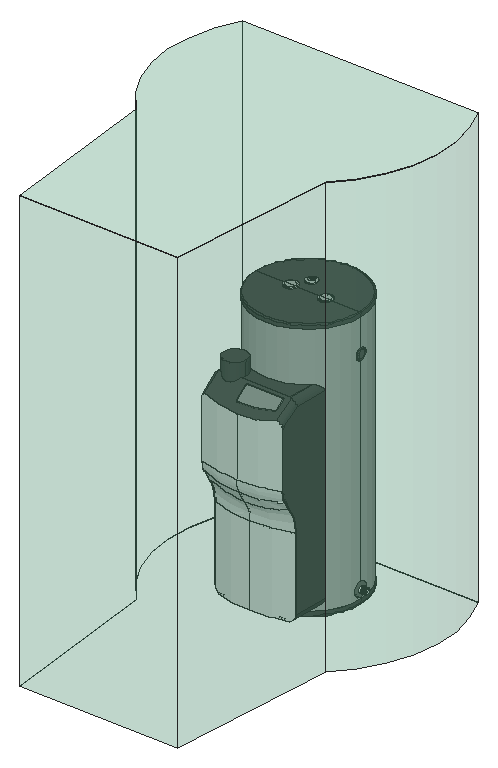
Revit family "Innovo GB_IR 32 380 GB NAT", category Mechanical Equipment, Revit 2015
Parameters (values of type "IR-32-380 GB NAT")
  Workspace Radius = Diameter + 170 mm  # 780 mm
  Workspace Height = Height + 1000 mm  # 2545 mm
  Workspace Front Distance = 1000 mm
  Working only during off-peak hour = no
  Width = Diameter  # 610 mm
  Workspace [instance] = yes
  Water heating energy efficiency class (2) = "-"
  Water heating energy efficiency class (1) = "A"  # constant formula
  Water heating energy efficiency (2) = "-"
  Water heating energy efficiency (1) = "92%"
  Warranty on tank = "36 months"  # constant formula
  Warranty on parts = "12 months"  # constant formula
  Voltage = 230 V  # constant formula
  Valve Height 02 = if(and(Height = 1745 mm, Diameter = 675 mm), 1518 mm, if(and(Height = 1745 mm, Diameter = 610 mm), 1534 mm, if(Height = 1545 mm, 1328 mm, 1070 mm)))  # 1328 mm
  Valve Height 01 = if(and(Diameter > 560 mm), 693 mm, 604 mm)  # 693 mm
  URL = "www.aosmith.co.uk"
  Type of Packaging = "Carton and Wood"  # constant formula
  Transport Weight = 136 kg
  Trade mark = "A.O. Smith"  # constant formula
  Thermostat temperature setting = 65 °C  # constant formula
  T&P Connection Rp = 1"
  Storage Capacity = 245.0 L
  Standard Set For = "G20"
  Stand-by Loss - daily (24h) = 0 W
  Stand-by Loss = 0 W
  Smart control = no
  Serial Number = "8717449286293"
  Seasonal Energy Efficiency Rating = [Energy Efficiency Rating (Hs, acc NEN-EN 89-1999)]  # 95
  Recovery Rate @ ΔT = 70°C = 380.0 L/s
  Recovery Rate @ ΔT = 55°C = 480.0 L/s
  Recovery Rate @ ΔT = 50°C = 530.0 L/s
  Recovery Rate @ ΔT = 44°C = 600.0 L/s
  Recovery Rate @ ΔT = 28°C = 960.0 L/s
  Product Instruction Link = ""
  Product Documentation Link = ""
  Precaustions during assembling, installation or maintenance = "see User, Installation, Service and Maintenance Manual"  # constant formula
  Power Consumption (peak) = 105 W
  Power Consumption (nominal) = 85 W
  Phase = 1
  Packaging Width = 786 mm  # constant formula
  Packaging Length = 946 mm  # constant formula
  Packaging Height = 1695 mm
  Other load profile = "-"
  Operating Weight = 381 kg
  Nominal Output = "30700"
  Nominal Heat Input (Net) = "29000"
  Nominal Heat Input (Gross) = "32200"
  Noice-level dB (A) = "<45"  # constant formula
  NOx Emissions mg/kWh = "37"
  NOx Emissions (air free, 0% O2) ppm = "24"
  Model identifier = "IR-32-245"
  Model = "IR-32-325 GB NAT"
  Min. Setpoint = 40 °C  # constant formula
  Max. Setpoint = 85 °C  # constant formula
  Max. Operating Pressure = 800000.0 Pa
  Max. Flue Gas Outlet Temperature = 65 °C
  Manufacturer Number = "E 7110"  # constant formula
  Manufacturer = "A.O. Smith Water Products Company b.v."  # constant formula
  Maintenance Interval = "12 months"  # constant formula
  Load profile = "XXL"
  Length = 780 mm  # constant formula
  Insulation Thickness = 44 mm
  Installation Type = "B23/C13/C33/C43/C53/C63"  # constant formula
  Indoor sound power level = "58 dB"
  Hot / Warm Water Connection R = 1"
  Height Warm Water Outlet = 1545 mm
  Height Gas Connection = 920 mm
  Height Flue Outlet = 1345 mm
  Height Cold Water Inlet = 170 mm
  Height Air Inlet = 1345 mm
  Height = 1545 mm
  Heating Up Time @ ΔT = 70°C = "31"
  Heating Up Time @ ΔT = 55°C = "24"
  Heating Up Time @ ΔT = 50°C = "22"
  Heating Up Time @ ΔT = 44°C = "20"
  Heating Up Time @ ΔT = 28°C = "13"
  Gas Supply Pressure = 2000.0 Pa
  Gas Flow Rate - Volume ltr/hr = "3.10"
  Gas Flow Rate - Mass kg/h = "n.a."
  Gas Connection R = 15"  # constant formula
  Gas Category = "II2E3P"  # constant formula
  Frequency = 50 Hz  # constant formula
  Flue Diameter - water heater = "80/125 mm/mm"  # constant formula
  Flue Diameter - parallel system = "2x80"  # constant formula
  Flue Diameter - concentric system = "80/125 mm/mm"  # constant formula
  Energy Efficiency Rating (Hs, acc NEN-EN 89-1999) = 95
  Energy Efficiency Rating (Hi, acc NEN-EN 89-1999) = 106
  Empty Weight = 120 kg
  Draw-off Capacity @ ΔT = 70°C after 90 min. = 710.0 L
  Draw-off Capacity @ ΔT = 70°C after 60 min. = 490.0 L
  Draw-off Capacity @ ΔT = 70°C after 30 min. = 330.0 L
  Draw-off Capacity @ ΔT = 70°C after 120 min. = 900.0 L
  Draw-off Capacity @ ΔT = 55°C after 90 min. = 930.0 L
  Draw-off Capacity @ ΔT = 55°C after 60 min. = 690.0 L
  Draw-off Capacity @ ΔT = 55°C after 30 min. = 440.0 L
  Draw-off Capacity @ ΔT = 55°C after 120 min. = 1200.0 L
  Draw-off Capacity @ ΔT = 50°C after 90 min. = 1100.0 L
  Draw-off Capacity @ ΔT = 50°C after 60 min. = 760.0 L
  Draw-off Capacity @ ΔT = 50°C after 30 min. = 500.0 L
  Draw-off Capacity @ ΔT = 50°C after 120 min. = 1300.0 L
  Draw-off Capacity @ ΔT = 44°C after 90 min. = 1200.0 L
  Draw-off Capacity @ ΔT = 44°C after 60 min. = 870.0 L
  Draw-off Capacity @ ΔT = 44°C after 30 min. = 570.0 L
  Draw-off Capacity @ ΔT = 44°C after 120 min. = 1500.0 L
  Draw-off Capacity @ ΔT = 28°C after 90 min. = 1900.0 L
  Draw-off Capacity @ ΔT = 28°C after 60 min. = 1400.0 L
  Draw-off Capacity @ ΔT = 28°C after 30 min. = 930.0 L
  Draw-off Capacity @ ΔT = 28°C after 120 min. = 2400.0 L
  Drain Valve Connection Rp = 3/4"  # constant formula
  Diameter = 610 mm
  Destination / Country = "UK & Ireland"  # constant formula
  Description = "Condensing High Efficiency Storage Water Heater"  # constant formula
  Default Setpoint = 65 °C  # constant formula
  Created By = "http://www.cadcompany.nl/"
  Condens Discharge Connection = 40 mm  # constant formula
  Cold Water Connection R = 3/4"  # constant formula
  Co2 Emissions (tol. +/- 1.0) vol% = "9.3"
  CE-PIN = "0063CQ3037"  # constant formula
  BIM Content Developer = "CAD & Company"  # constant formula
  Assembly Code = "D3010"
  Annual fuel consumption (2) = "-"
  Annual fuel consumption (1) = "21 GJ GCV"
  Annual electricity consumption (2) = "-"
  Annual electricity consumption (1) = "44 kWh"
  APS Pressure < = 210.0 Pa
  2nd Maintenance (general maintenance) = "12 months after installation"  # constant formula
  1e Maintenance (check-up) = "3 months after installation"  # constant formula
Reference planes
  plane 1 "Center (Front/Back)": y = 0
  plane 2: z = 0
  plane 3 "Center (Left/Right)": x = 0
  plane 4 "Pipe": through (-383.901, 912.349, 194.799) normal (-0.0879, -0.0879, 0.9923)
  plane 5 "footing": y = 118.925
  plane 6 "footing front": y = -237.85
  plane 7: x = -305
  plane 8: x = 305
  plane 9: z = 1545
Forms (mm)
  Revolve 1, solid, material "RAL 9005", detail levels medium+fine
    sketch origin (0, -237.85, 0) x (-1, 0, 0) y (0, 0, 1)
      loop
        line (0, 28.9) -> (-15, 28.9) -> (-15, 26.4) -> (-8.671, 26.4) -> (-8.671, 18) -> (-5.686, 18) -> (-6.626, 17.06) -> (-6.626, 12.06) -> (-8.671, 12.06) -> (-8.671, 10) -> (-10.031, 10) -> (-23.271, 5.181)
        arc (-23.271, 5.181) -> (-23.763, 4.836) -> (-24.017, 4.293) r 1.159
        line (-24.017, 4.293) -> (-24.017, 1.03)
        arc (-24.017, 1.03) -> (-23.715, 0.302) -> (-22.986, 0) r 1.03
        line (-22.986, 0) -> (0, 0) -> (0, 28.9)
      axis (0, 28.9) -> (0, 0)
    angle from 0 to 360
  Revolve 2, solid, material "RAL 9005", detail levels medium+fine
    sketch origin (0, 118.925, 0) x (-1, 0, 0) y (0, 0, 1)
      loop
        line (-205.984, 28.9) -> (-220.984, 28.9) -> (-220.984, 26.4) -> (-214.655, 26.4) -> (-214.655, 18) -> (-211.67, 18) -> (-212.61, 17.06) -> (-212.61, 12.06) -> (-214.655, 12.06) -> (-214.655, 10) -> (-216.015, 10) -> (-229.256, 5.181)
        arc (-229.256, 5.181) -> (-229.747, 4.836) -> (-230.001, 4.293) r 1.159
        line (-230.001, 4.293) -> (-230.001, 1.03)
        arc (-230.001, 1.03) -> (-229.699, 0.302) -> (-228.971, 0) r 1.03
        line (-228.971, 0) -> (-205.984, 0) -> (-205.984, 28.9)
      axis (-205.984, 28.9) -> (-205.984, 0)
    angle from 0 to 360
  Revolve 3, solid, material "RAL 9005", detail levels medium+fine
    sketch origin (0, 118.925, 0) x (-1, 0, 0) y (0, 0, 1)
      loop
        line (204.016, 28.9) -> (189.016, 28.9) -> (189.016, 26.4) -> (195.345, 26.4) -> (195.345, 18) -> (198.33, 18) -> (197.39, 17.06) -> (197.39, 12.06) -> (195.345, 12.06) -> (195.345, 10) -> (193.985, 10) -> (180.744, 5.181)
        arc (180.744, 5.181) -> (180.253, 4.836) -> (179.999, 4.293) r 1.159
        line (179.999, 4.293) -> (179.999, 1.03)
        arc (179.999, 1.03) -> (180.301, 0.302) -> (181.029, 0) r 1.03
        line (181.029, 0) -> (204.016, 0) -> (204.016, 28.9)
      axis (204.016, 28.9) -> (204.016, 0)
    angle from 0 to 360
Lines and regions (mm)
  symbolic lines
    curve 1: line (0, 280.06, 0) -> (0, -280.06, 0)
    curve 2: line (-280.06, 0, 0) -> (280.06, 0, 0)
  symbolic lines, style "Workspace"
    curve 3: line (681.142, 380.06, 0) -> (-681.142, 380.06, 0)
    curve 4: arc (-681.142, 380.06, 0) -> (-771.826, -112.627, 0) -> (-544.132, -558.856, 0) r 780
    curve 5: line (-544.132, -558.856, 0) -> (-454.283, -1517.825, 0)
    curve 6: line (-454.283, -1517.825, 0) -> (456.53, -1517.825, 0)
    curve 7: line (456.53, -1517.825, 0) -> (546.343, -556.695, 0)
    curve 8: arc (546.343, -556.695, 0) -> (772.048, -111.097, 0) -> (681.142, 380.06, 0) r 780
Dimensions and locks
  plane 5 "footing" to plane 1 "Center (Front/Back)" = 118.925 mm
  plane 1 "Center (Front/Back)" to plane 6 "footing front" = 237.85 mm
  "Diameter": plane 7 to plane 8
  equal spacing: plane 7, plane 3 "Center (Left/Right)", plane 8
  "Height": plane 9 to plane 2
  "Workspace Front Distance": curve 6 to nested 3
  "Workspace Radius": radius of curve 4
  "Workspace Radius": radius of curve 8
  aligned and locked: level to plane 2
  aligned and locked: nested 3 to Revolve 1 sketch curve
  aligned and locked: plane 3 "Center (Left/Right)" to Revolve 1 sketch curve
  aligned and locked: nested 3 to plane 1 "Center (Front/Back)"
  aligned and locked: plane 3 "Center (Left/Right)" to nested 3
  aligned and locked: nested 1 to plane 8
  aligned and locked: nested 5 to plane 8
  aligned and locked: nested 2 to plane 7
  aligned and locked: nested 4 to plane 7
  aligned and locked: nested 7 to plane 7
  aligned and locked: nested 8 to plane 3 "Center (Left/Right)"
  aligned and locked: plane 1 "Center (Front/Back)" to nested 8
  aligned and locked: nested 8 to nested 3
  aligned and locked: curve 5 to nested 8
  aligned and locked: curve 7 to nested 8
  aligned and locked: curve 3 to nested 8
Automatic sketch dimensions
  Revolve 1 sketch curve to level = 0 mm
  plane 3 "Center (Left/Right)" to Revolve 1 sketch curve = 5.686 mm
  Revolve 1 sketch curve to Revolve 1 sketch curve = 0.94 mm  (x2)
  Revolve 1 sketch curve to Revolve 1 sketch curve = 2.046 mm  (x2)
  Revolve 1 sketch curve to Revolve 1 sketch curve = 1.359 mm
  Revolve 1 sketch curve to Revolve 1 sketch curve = 6.329 mm
  level to Revolve 1 sketch curve = 4.091 mm
  Revolve 1 sketch curve to Revolve 1 sketch curve = 12.844 mm
  level to Revolve 1 sketch curve = 1.03 mm
  Revolve 1 sketch curve to Revolve 1 sketch curve = 0.111 mm
  level to Revolve 1 sketch curve = 5.181 mm
  Revolve 1 sketch curve to Revolve 1 sketch curve = 0.745 mm
  level to Revolve 1 sketch curve = 10 mm
  Revolve 1 sketch curve to Revolve 1 sketch curve = 2.06 mm
  Revolve 1 sketch curve to Revolve 1 sketch curve = 5 mm
  Revolve 1 sketch curve to Revolve 1 sketch curve = 8.4 mm
  Revolve 1 sketch curve to Revolve 1 sketch curve = 2.5 mm
  Revolve 1 sketch curve to level = 19.635 mm
  Revolve 1 sketch curve to Revolve 1 sketch curve = 46.465 mm
  Revolve 2 sketch curve to level = 0 mm
  level to Revolve 2 sketch curve = 1.03 mm
  Revolve 2 sketch curve to plane 8 = 74.999 mm
  level to Revolve 2 sketch curve = 5.181 mm
  Revolve 2 sketch curve to Revolve 2 sketch curve = 0.745 mm
  Revolve 2 sketch curve to Revolve 2 sketch curve = 0.397 mm
  Revolve 2 sketch curve to Revolve 2 sketch curve = 8.271 mm
  Revolve 2 sketch curve to Revolve 2 sketch curve = 13.241 mm
  Revolve 2 sketch curve to Revolve 2 sketch curve = 1.359 mm
  Revolve 2 sketch curve to Revolve 2 sketch curve = 6.329 mm
  Revolve 2 sketch curve to Revolve 2 sketch curve = 2.046 mm
  level to Revolve 2 sketch curve = 18 mm
  Revolve 2 sketch curve to Revolve 2 sketch curve = 0.94 mm  (x2)
  Revolve 2 sketch curve to Revolve 2 sketch curve = 8.671 mm
  Revolve 2 sketch curve to Revolve 2 sketch curve = 1.089 mm
  Revolve 2 sketch curve to Revolve 2 sketch curve = 8 mm
  Revolve 2 sketch curve to Revolve 2 sketch curve = 2.06 mm
  Revolve 2 sketch curve to Revolve 2 sketch curve = 8.4 mm
  Revolve 2 sketch curve to Revolve 2 sketch curve = 2.5 mm
  Revolve 2 sketch curve to Revolve 2 sketch curve = 0 mm
  Revolve 2 sketch curve to level = 19.635 mm
  Revolve 2 sketch curve to Revolve 2 sketch curve = 46.465 mm
  Revolve 3 sketch curve to level = 0 mm
  level to Revolve 3 sketch curve = 1.03 mm
  Revolve 3 sketch curve to plane 7 = 125.001 mm
  level to Revolve 3 sketch curve = 5.181 mm
  Revolve 3 sketch curve to Revolve 3 sketch curve = 0.745 mm
  Revolve 3 sketch curve to Revolve 3 sketch curve = 0.397 mm
  Revolve 3 sketch curve to Revolve 3 sketch curve = 8.271 mm
  Revolve 3 sketch curve to Revolve 3 sketch curve = 13.241 mm
  Revolve 3 sketch curve to Revolve 3 sketch curve = 1.359 mm
  Revolve 3 sketch curve to Revolve 3 sketch curve = 6.329 mm
  Revolve 3 sketch curve to Revolve 3 sketch curve = 2.046 mm
  level to Revolve 3 sketch curve = 18 mm
  Revolve 3 sketch curve to Revolve 3 sketch curve = 0.94 mm  (x2)
  Revolve 3 sketch curve to Revolve 3 sketch curve = 8.671 mm
  Revolve 3 sketch curve to Revolve 3 sketch curve = 1.089 mm
  Revolve 3 sketch curve to Revolve 3 sketch curve = 8 mm
  Revolve 3 sketch curve to Revolve 3 sketch curve = 2.06 mm
  Revolve 3 sketch curve to Revolve 3 sketch curve = 8.4 mm
  Revolve 3 sketch curve to Revolve 3 sketch curve = 2.5 mm
  Revolve 3 sketch curve to Revolve 3 sketch curve = 0 mm
  Revolve 3 sketch curve to level = 19.635 mm
  Revolve 3 sketch curve to Revolve 3 sketch curve = 46.465 mm
  curve 4 to curve 8 = 0 mm  (x2)
  plane 1 "Center (Front/Back)" to curve 2 = 0 mm
  curve 1 to plane 3 "Center (Left/Right)" = 0 mm
  plane 1 "Center (Front/Back)" to curve 4 = 0 mm
  curve 4 to plane 3 "Center (Left/Right)" = 0 mm
  curve 2 to plane 7 = 24.94 mm
  curve 2 to plane 8 = 24.94 mm
  curve 1 to plane 6 "footing front" = 42.21 mm
  plane 5 "footing" to curve 1 = 161.135 mm
Nested families
  nested 1: "Valve" at (305, -0.38, 1328) x (0, 1, 0) z (0, 0, 1), built-in parameter 1001364 <- "Valve Height 02", type "Valve"
  nested 2: "Drain Valve" at (-305, 0, 1328), built-in parameter 1001364 <- "Valve Height 02", type "Drain Valve"
  nested 3: "Housing Mother Housing S 57 (external)" at (0, -299.886, 0), type "Housing Mother_Housing S_57"
    with radius 305 mm, distance to boiler center 154 mm, diameter 610 mm
  nested 4: "Drain Valve" at (-305, 0, 177), type "Drain Valve"
  nested 5: "Drain Valve" at (305, 0, 107) x (-1, 0, 0) z (0, 0, 1), type "Drain Valve"
  nested 6: "Boiler" at (0, 0, 0), height <- "Height", type "Boiler"
    with height 1545 mm, radius 305 mm, Diameter 610 mm
  nested 7: "Drain Valve" at (-305, 0, 693), built-in parameter 1001364 <- "Valve Height 01", type "Drain Valve"
  nested 8: "Innovo_workspace" at (0, 0, 0), Workspace <- "Workspace", Workspace Distance Front <- "Workspace Front Distance", Workspace Height <- "Workspace Height", Workspace Radius <- "Workspace Radius", type "Workspace"
    with Workspace Radius 780 mm, Workspace Height 2545 mm, Workspace Distance Front 1000 mm, Workspace yes, Center to Front 517.825 mm
Connectors
  piping at (339.826, 0, 107), diameter 19.05, driven by "Drain Valve Connection Rp"
    settings: on nested 5, index 1, connector inside diameter 24", connector length 0 mm, flow factor 0, pipe flow 0.0 L/s, pressure drop 0.0 Pa, fitting loss kfactor 0, connector angle 0.00°, fixture units 0, engagement length 0 mm, angle of deflection 0.00°, flow configuration 0, flow direction 0, fitting loss method 0, system type 19, joint type 0, gender type 0, connector reference index -1, connector utility 0, adjustable connector no, is connector primary yes, connector description ""
  hvac at (-147.013, -346.326, 1310.674)
    settings: on nested 3, index 2, duct flow 0.0 L/s, flow factor 0, pres drop 0.0 Pa, loss coef 0, conn angle 0.00°, conn width 304.8 mm, conn height 304.8 mm, conn diameter 125 mm, duct sys type 4, conn prof type 0, flow config 0, flow direction 0, loss method 0, conn ref index -1, conn util no, is conn primary yes, conn desc ""
Definition of nested family "Valve"
  Parameters (values of type "Valve")
    Type Comments = "T&P valve (internal)"
    Manufacturer = "A.O. Smith"
  Reference planes
    plane 1 "Center (Front/Back)": y = 0
    plane 2: z = 0
    plane 3 "Center (Left/Right)": x = 0
  Forms (mm)
    Extrusion 1, solid, detail levels fine
      sketch origin (0, 0, 0) x (1, 0, 0) y (0, 0, 1)
        loop
          circle (0, 0) r 31.5
      from -2.271 to 1.4
    Sweep 2, solid, detail levels fine
      path origin (0, -1.4, 0) x (1, 0, 0) y (0, 0, 1)
        loop
          circle (0, 0) r 31.5
      profile origin (0, -1.4, 31.5) x (0, 0, -1) y (0, -1, 0)
        loop
          line (7.3, 0) -> (7.3, 3) -> (0, 0) -> (7.3, 0)
  Dimensions and locks
    aligned and locked: level to plane 2
Definition of nested family "Drain Valve"
  Reference planes
    plane 1 "Center (Front/Back)": y = 0
    plane 2: z = 0
    plane 3 "Center (Left/Right)": x = 0
  Forms (mm)
    Revolve 1, solid, detail levels medium+fine
      sketch origin (0, 0, 0) x (1, 0, 0) y (0, 0, 1)
        loop
          line (-33.442, 15.696) -> (-34.826, 14.329) -> (-34.93, 12.731) -> (-16.555, 12.731) -> (-16.555, 0) -> (15.787, 0) -> (15.787, 18.3) -> (-14.4, 18.3) -> (-17.148, 15.533) -> (-18.729, 16.697) -> (-20.091, 15.333) -> (-21.672, 16.496) -> (-23.034, 15.133) -> (-24.614, 16.296) -> (-25.976, 14.932) -> (-27.557, 16.096) -> (-28.919, 14.732) -> (-30.5, 15.896) -> (-31.862, 14.532) -> (-33.442, 15.696)
        axis (-34.93, 0) -> (15.787, 0)
      angle from 0 to 360
  Dimensions and locks
    aligned and locked: level to plane 2
  Nested families
    nested 1: "Rubber sealing" at (2.592, -0.155, 0) x (0.0023, -1, 0) z (0, 0, 1), type "Rubber sealing", detail levels fine
  Definition of nested family "Rubber sealing"
    Reference planes
      plane 1 "Center (Front/Back)": y = 0
      plane 2: z = 0
      plane 3 "Center (Left/Right)": x = 0
    Forms (mm)
      Extrusion 1, solid, detail levels fine
        sketch origin (141.861, 319.581, 0) x (1, 0, 0) y (0, 1, 0)
          loop
            line (-216.354, -311.898) -> (-216.354, -313.94)
            arc (-216.354, -313.94) -> (-141.602, -321.581) -> (-66.861, -313.835) r 366.966
            line (-66.861, -313.835) -> (-66.861, -311.791)
            arc (-66.861, -311.791) -> (-141.602, -319.581) -> (-216.354, -311.898) r 364.966
        from -80 to 80
      Extrusion 2, void
        sketch origin (141.861, 319.581, 0) x (1, 0, 0) y (0, 0, 1)
          loop
            circle (-141.861, 0) r 13
          loop
            circle (-141.861, 0) r 110
          loop
            circle (-141.861, 0) r 40
        from 311.563 to 332.684
      Extrusion 3, void
        sketch origin (141.861, 319.581, 0) x (1, 0, 0) y (0, 0, 1)
          loop
            circle (-141.861, 0) r 18.25
        from 315.524 to 326.084
    Cuts and joins
      Extrusion 2, Extrusion 3 cuts Extrusion 1
    Dimensions and locks
      aligned and locked: level to plane 2
Definition of nested family "Housing Mother Housing S 57 (external)"
  Parameters (values of type "Housing Mother_Housing S_57")
    radius [instance] = 280 mm
    distance to boiler center = if(diameter = 675 mm, 189 mm, if(diameter = 610 mm, 154 mm, 129 mm))  # 129 mm
    diameter = 560 mm
  Reference planes
    plane 1 "Center (Front/Back)": y = 0
    plane 2: z = 0
    plane 3 "Center (Left/Right)": x = 0
    plane 4 "left": through (-245.286, 145.886, 1200) normal (0.9994, 0.0349, 0)
    plane 5: y = -217.939
    plane 6: y = 145.886
    plane 7: z = 1232.6
    plane 8: z = 65.89
    plane 9 "right": through (245.286, 145.886, 1200) normal (0.9994, -0.0349, 0)
    plane 10 "display": through (0, -90.37, 1221.196) normal (0, -0.5736, 0.8192)
    plane 11 "Potentiostat": z = 867.899
    plane 12 "boiler center": y = 274.886
    plane 13: x = -280
    plane 14: x = 280
  Forms (mm)
    Extrusion 1, solid
      sketch origin (0, 0, 0) x (1, 0, 0) y (0, 1, 0)
        loop
          line (-245.286, 145.886) -> (-232.581, -217.939) -> (232.581, -217.939) -> (245.286, 145.886)
          arc (245.286, 145.886) -> (0, 0.923) -> (-245.286, 145.886) r 280
      from 0 to 1232.6
    Sweep 2, void
      path origin (0, 0, 0) x (0, 1, 0) y (0, 0, 1)
        loop
          line (-217.939, 1232.6) -> (-217.939, 795.555)
          arc (-217.939, 795.555) -> (-212.387, 754.285) -> (-197.694, 715.322) r 183.924
          arc (-197.694, 715.322) -> (-179.915, 684.628) -> (-159.106, 655.901) r 348.284
          arc (-159.106, 655.901) -> (-131.411, 600.328) -> (-121.88, 538.973) r 202.254
          line (-121.88, 538.973) -> (-121.88, 61.106)
      profile origin (0, -217.939, 1014.077) x (1, 0, 0) y (0, 1, 0)
        loop
          arc (0, 0) -> (-117.533, 9.941) -> (-231.728, 39.475) r 699.984
          arc (-231.728, 39.475) -> (-233.391, 40.705) -> (-234.07, 42.659) r 3.505
          line (-234.07, 42.659) -> (-254.062, 42.659) -> (-254.062, -142.593) -> (254.07, -142.593) -> (254.07, 42.659) -> (234.07, 42.659)
          arc (234.07, 42.659) -> (233.391, 40.705) -> (231.728, 39.475) r 3.505
          arc (231.728, 39.475) -> (117.533, 9.941) -> (0, 0) r 699.984
    Extrusion 3, void
      sketch origin (0, 0, 0) x (0, 1, 0) y (0, 0, 1)
        loop
          arc (102.864, 70.869) -> (99.804, 70.709) -> (96.874, 69.813) r 12.57
          arc (96.874, 69.813) -> (87.878, 66.533) -> (78.516, 64.529) r 69.114
          arc (78.516, 64.529) -> (76.41, 64.284) -> (74.294, 64.148) r 41.206
          arc (74.294, 64.148) -> (65.203, 64.335) -> (56.122, 64.782) r 318.661
          arc (56.122, 64.782) -> (30.585, 66.179) -> (5.028, 67.128) r 1456.581
          line (5.028, 67.128) -> (-84.534, 73.135)
          arc (-84.534, 73.135) -> (-86.363, 73.808) -> (-87.536, 75.365) r 3.455
          line (-87.536, 75.365) -> (-264.473, 75.365) -> (-264.473, 0) -> (160.886, 0) -> (160.886, 103.945) -> (145.886, 103.945)
          arc (145.886, 103.945) -> (145.104, 97.827) -> (142.923, 92.059) r 26.364
          arc (142.923, 92.059) -> (141.067, 88.936) -> (138.867, 86.045) r 31.715
          arc (138.867, 86.045) -> (135.576, 82.49) -> (132.021, 79.2) r 62.615
          arc (132.021, 79.2) -> (125.841, 74.697) -> (119.091, 71.103) r 54.444
          arc (119.091, 71.103) -> (116.371, 70.272) -> (113.531, 70.123) r 11.669
          line (113.531, 70.123) -> (102.864, 70.869)
      from -254.062 to 254.07
    Sweep 4, void
      path origin (0, 0, 0) x (1, 0, 0) y (0, 1, 0)
        loop
          line (-245.286, 145.886) -> (-232.581, -217.939)
      profile origin (-238.933, -36.027, 0) x (0.999391, 0.034899, 0) y (0, 0, 1)
        loop
          line (-4.454, 0) -> (47.084, 0) -> (47.084, 73.431)
          arc (47.084, 73.431) -> (14.222, 85.134) -> (0.255, 117.1) r 43.922
          line (0.255, 117.1) -> (-4.454, 117.1) -> (-4.454, 0)
    Sweep 5, void
      path origin (0, 0, 0) x (-1, 0, 0) y (0, 1, 0)
        loop
          line (-245.286, 145.886) -> (-232.581, -217.939)
      profile origin (238.933, -36.027, 0) x (0.999391, -0.034899, 0) y (0, 0, 1)
        loop
          line (4.454, 0) -> (4.454, 117.1) -> (-0.255, 117.1)
          arc (-0.255, 117.1) -> (-14.222, 85.134) -> (-47.084, 73.431) r 43.922
          line (-47.084, 73.431) -> (-47.084, 0) -> (4.454, 0)
    Sweep 6, void
      path origin (-239.899, -8.377, 0) x (-0.034899, 0.999391, 0) y (0, 0, 1)
        loop
          line (-209.69, 1141.272) -> (-79.18, 1232.6) -> (154.358, 1232.6)
      profile origin (-241.211, 29.188, 1232.6) x (0, 0, 1) y (0.999391, 0.034899, 0)
        loop
          line (-45, -30) -> (75, -30) -> (75, 0) -> (75, 55) -> (2.799, 55) -> (-1.253, 35.128)
          arc (-1.253, 35.128) -> (-16.771, 9.564) -> (-45, -0.308) r 44.287
          line (-45, -0.308) -> (-45, -30)
    Sweep 7, void
      path origin (239.899, -8.377, 0) x (0.034899, 0.999391, 0) y (0, 0, 1)
        loop
          line (-209.69, 1141.272) -> (-79.18, 1232.6) -> (154.358, 1232.6)
      profile origin (241.211, 29.188, 1232.6) x (0, 0, -1) y (-0.999391, 0.034899, 0)
        loop
          line (-75, -25) -> (45, -25) -> (45, -0.308)
          arc (45, -0.308) -> (16.771, 9.564) -> (1.253, 35.128) r 44.287
          line (1.253, 35.128) -> (-2.799, 55) -> (-75, 55) -> (-75, -25)
    Extrusion 8, void
      sketch origin (0, 0, 0) x (0, 1, 0) y (0, 0, 1)
        loop
          line (-270, 1336.099) -> (-270, 1099.081) -> (68.497, 1336.099) -> (-270, 1336.099)
      from -425.038 to 444.42
    Extrusion 9, solid, detail levels medium+fine
      sketch origin (0, 0, 0) x (1, 0, 0) y (0, 1, 0)
        loop
          circle (-147.013, -46.44) r 65
      from 1163.174 to 1310.674
    Extrusion 10, void
      sketch origin (0, -603.506, 861.895) x (0, 0.819152, 0.573576) y (-1, 0, 0)
        loop
          arc (618.322, -173) -> (623.272, -170.95) -> (625.322, -166) r 7
          line (625.322, -166) -> (625.322, 35)
          arc (625.322, 35) -> (623.272, 39.95) -> (618.322, 42) r 7
          line (618.322, 42) -> (535.473, 42)
          arc (535.473, 42) -> (530.688, 40.11) -> (528.488, 35.46) r 7
          arc (528.488, 35.46) -> (531.569, -67.592) -> (554.18, -168.18) r 540
          arc (554.18, -168.18) -> (556.724, -171.668) -> (560.831, -173) r 7
          line (560.831, -173) -> (618.322, -173)
      from 0 to 137.286
    Sweep 11, solid, detail levels fine
      path origin (0, 0, 867.899) x (-1, 0, 0) y (0, -1, 0)
        loop
          line (309.749, -35.617) -> (204.371, -35.617)
          arc (204.371, -35.617) -> (196.509, -34.687) -> (189.082, -31.947) r 33.677
          line (189.082, -31.947) -> (-9.574, 69.274)
      profile origin (-257.06, 35.617, 867.899) x (0, 1, 0) y (0, 0, 1)
        loop
          circle (0, 0) r 7.316
        loop
          circle (0, 0) r 6.465
    Revolve 12, void
      sketch origin (0, 274.886, 0) x (-1, 0, 0) y (0, 0, 1)
        loop
          line (280, 1243.838) -> (0, 1243.838) -> (0, 54.9) -> (280, 54.9) -> (280, 1243.838)
        axis (0, 1243.838) -> (0, 54.9)
      angle from 0 to 360
  Cuts and joins
    Sweep 2, Extrusion 3, Sweep 4, Sweep 5, Sweep 6, Sweep 7, Extrusion 8, Extrusion 10, Revolve 12 cuts Extrusion 1
  Dimensions and locks
    plane 8 to plane 2 = 65.89 mm
    plane 7 to plane 8 = 1166.71 mm
    "distance to boiler center": plane 12 "boiler center" to plane 6
    "diameter": plane 14 to plane 13
    equal spacing: plane 14, plane 3 "Center (Left/Right)", plane 13
    "radius": plane 3 "Center (Left/Right)" to plane 13
    aligned and locked: level to plane 2
    aligned and locked: Extrusion 1 to plane 7
    aligned and locked: Extrusion 1 sketch curve to plane 5
    aligned and locked: Sweep 2 to Extrusion 3
    aligned and locked: Extrusion 3 to Sweep 2  (x2)
    aligned and locked: plane 7 to Sweep 2 sketch curve
    aligned and locked: plane 3 "Center (Left/Right)" to Revolve 12 sketch curve
    aligned and locked: Revolve 12 sketch curve to plane 3 "Center (Left/Right)"
    aligned and locked: plane 13 to Revolve 12 sketch curve
  Automatic sketch dimensions
    Extrusion 1 sketch curve to plane 4 "left" = 0 mm  (x2)
    Extrusion 1 sketch curve to plane 6 = 0 mm  (x2)
    Extrusion 1 sketch curve to plane 3 "Center (Left/Right)" = 0 mm
    Extrusion 1 sketch curve to plane 9 "right" = 0 mm
    plane 6 to Extrusion 1 sketch curve = 135.037 mm
    Sweep 2 sketch curve to plane 5 = 0 mm
    plane 5 to Sweep 2 sketch curve = 106.195 mm
    Sweep 2 sketch curve to plane 5 = 96.059 mm
    plane 1 "Center (Front/Back)" to Sweep 2 sketch curve = 34.053 mm
    plane 11 "Potentiostat" to Sweep 2 sketch curve = 6.417 mm
    Sweep 2 sketch curve to plane 6 = 33.705 mm
    Sweep 2 sketch curve to plane 11 "Potentiostat" = 68.615 mm
    Sweep 2 sketch curve to plane 11 "Potentiostat" = 72.345 mm
    Sweep 2 sketch curve to Sweep 2 sketch curve = 176.349 mm
    Sweep 2 sketch curve to Sweep 2 sketch curve = 0 mm  (x2)
    plane 8 to Sweep 2 sketch curve = 4.784 mm
    Extrusion 3 sketch curve to level = 0 mm
    Extrusion 3 sketch curve to plane 6 = 0 mm
    Extrusion 3 sketch curve to plane 6 = 26.363 mm
    Extrusion 3 sketch curve to Extrusion 3 sketch curve = 4.75 mm
    Extrusion 3 sketch curve to Extrusion 3 sketch curve = 5.179 mm
    Extrusion 3 sketch curve to plane 8 = 4.232 mm
    Extrusion 3 sketch curve to Extrusion 3 sketch curve = 0.814 mm
    Extrusion 3 sketch curve to plane 8 = 4.978 mm
    Extrusion 3 sketch curve to Extrusion 3 sketch curve = 10.667 mm
    Extrusion 3 sketch curve to Extrusion 3 sketch curve = 0.877 mm
    Extrusion 3 sketch curve to Extrusion 3 sketch curve = 17.827 mm
    Extrusion 3 sketch curve to Extrusion 3 sketch curve = 5.646 mm
    Extrusion 3 sketch curve to plane 6 = 69.562 mm
    Extrusion 3 sketch curve to Extrusion 3 sketch curve = 18.6 mm
    Extrusion 3 sketch curve to Extrusion 3 sketch curve = 22.538 mm
    Extrusion 3 sketch curve to plane 8 = 1.238 mm
    Extrusion 3 sketch curve to plane 1 "Center (Front/Back)" = 5.028 mm
    plane 1 "Center (Front/Back)" to Extrusion 3 sketch curve = 36.224 mm
    Extrusion 3 sketch curve to plane 8 = 10.692 mm
    plane 1 "Center (Front/Back)" to Extrusion 3 sketch curve = 84.302 mm
    Extrusion 3 sketch curve to plane 8 = 7.244 mm
    Extrusion 3 sketch curve to Extrusion 3 sketch curve = 0.231 mm
    Extrusion 3 sketch curve to Extrusion 3 sketch curve = 3.234 mm
    plane 5 to Extrusion 3 sketch curve = 46.534 mm
    plane 6 to Extrusion 3 sketch curve = 15 mm
    Extrusion 3 sketch curve to level = 1388.869 mm
    plane 8 to Extrusion 3 sketch curve = 7.561 mm
    Extrusion 3 sketch curve to Extrusion 3 sketch curve = 11.64 mm
    Extrusion 3 sketch curve to plane 8 = 38.054 mm
    Extrusion 3 sketch curve to Extrusion 3 sketch curve = 22.442 mm
    Extrusion 3 sketch curve to plane 8 = 39.432 mm
    Extrusion 3 sketch curve to Extrusion 3 sketch curve = 2.466 mm
    Extrusion 3 sketch curve to Extrusion 3 sketch curve = 14.17 mm
    Extrusion 3 sketch curve to Extrusion 3 sketch curve = 5.925 mm
    Extrusion 3 sketch curve to Extrusion 3 sketch curve = 6.186 mm
    Extrusion 3 sketch curve to Extrusion 3 sketch curve = 249.85 mm
    Extrusion 3 sketch curve to Extrusion 3 sketch curve = 0 mm  (x4)
    Extrusion 3 sketch curve to Extrusion 3 sketch curve = 6.845 mm
    plane 8 to Extrusion 3 sketch curve = 1.743 mm
    Sweep 4 sketch curve to plane 4 "left" = 0 mm  (x2)
    Sweep 4 sketch curve to plane 6 = 0 mm
    plane 5 to Sweep 4 sketch curve = 0 mm
    Sweep 4 sketch curve to level = 0 mm
    profile plane to Sweep 4 sketch curve = 4.454 mm
    Sweep 4 sketch curve to profile plane = 0.255 mm
    Sweep 4 sketch curve to Sweep 4 sketch curve = 43.922 mm
    Sweep 4 sketch curve to profile plane = 47.084 mm
    level to Sweep 4 sketch curve = 73.431 mm
    Sweep 4 sketch curve to Sweep 4 sketch curve = 43.669 mm
    Sweep 5 sketch curve to plane 6 = 0 mm
    Sweep 5 sketch curve to plane 9 "right" = 0 mm  (x2)
    plane 5 to Sweep 5 sketch curve = 0 mm
    Sweep 5 sketch curve to level = 0 mm
    profile plane to Sweep 5 sketch curve = 47.084 mm
    Sweep 5 sketch curve to Sweep 5 sketch curve = 2.907 mm
    profile plane to Sweep 5 sketch curve = 0.255 mm
    Sweep 5 sketch curve to profile plane = 4.454 mm
    level to Sweep 5 sketch curve = 73.431 mm
    Sweep 5 sketch curve to Sweep 5 sketch curve = 43.669 mm
    Sweep 6 sketch curve to plane 7 = 0 mm
    plane 7 to Sweep 6 sketch curve = 91.328 mm
    Sweep 6 sketch curve to Sweep 6 sketch curve = 130.509 mm
    Sweep 6 sketch curve to Sweep 6 sketch curve = 233.538 mm
    Sweep 6 sketch curve to plane 4 "left" = 0 mm
    profile plane to Sweep 6 sketch curve = 45 mm
    Sweep 6 sketch curve to Sweep 6 sketch curve = 0.354 mm
    profile plane to Sweep 6 sketch curve = 1.253 mm
    Sweep 6 sketch curve to profile plane = 2.799 mm
    Sweep 6 sketch curve to Sweep 6 sketch curve = 72.201 mm
    Sweep 6 sketch curve to plane 4 "left" = 0.308 mm
    Sweep 6 sketch curve to Sweep 6 sketch curve = 29.692 mm
    plane 4 "left" to Sweep 6 sketch curve = 35.128 mm
    plane 4 "left" to Sweep 6 sketch curve = 55 mm
    Sweep 7 sketch curve to plane 7 = 0 mm
    Sweep 7 sketch curve to plane 7 = 91.328 mm
    Sweep 7 sketch curve to Sweep 7 sketch curve = 130.509 mm
    Sweep 7 sketch curve to Sweep 7 sketch curve = 233.538 mm
    Sweep 7 sketch curve to plane 9 "right" = 25 mm
    profile plane to Sweep 7 sketch curve = 75 mm
    profile plane to Sweep 7 sketch curve = 2.799 mm
    Sweep 7 sketch curve to profile plane = 1.253 mm
    Sweep 7 sketch curve to Sweep 7 sketch curve = 43.393 mm
    Sweep 7 sketch curve to profile plane = 45 mm
    Sweep 7 sketch curve to plane 9 "right" = 0.308 mm
    plane 9 "right" to Sweep 7 sketch curve = 35.128 mm
    Sweep 7 sketch curve to Sweep 7 sketch curve = 19.872 mm
    plane 5 to Extrusion 8 sketch curve = 52.061 mm
    Extrusion 8 sketch curve to plane 1 "Center (Front/Back)" = 68.497 mm
    plane 7 to Extrusion 8 sketch curve = 133.519 mm
    Extrusion 8 sketch curve to plane 7 = 103.499 mm
    plane 1 "Center (Front/Back)" to Extrusion 9 sketch curve = 46.44 mm
    Extrusion 9 sketch curve to plane 3 "Center (Left/Right)" = 147.013 mm
    Extrusion 10 sketch curve to plane 3 "Center (Left/Right)" = 0 mm
    Extrusion 10 sketch curve to plane 3 "Center (Left/Right)" = 35 mm
    Extrusion 10 sketch curve to Extrusion 10 sketch curve = 25.359 mm
    Extrusion 10 sketch curve to Extrusion 10 sketch curve = 57.491 mm
    Extrusion 10 sketch curve to plane 3 "Center (Left/Right)" = 42 mm
    Extrusion 10 sketch curve to Extrusion 10 sketch curve = 82.85 mm
    Extrusion 10 sketch curve to Extrusion 10 sketch curve = 7 mm
    Extrusion 10 sketch curve to Extrusion 10 sketch curve = 442 mm
    plane 3 "Center (Left/Right)" to Extrusion 10 sketch curve = 166 mm
    Extrusion 10 sketch curve to Extrusion 10 sketch curve = 0 mm  (x2)
    Sweep 11 sketch curve to plane 1 "Center (Front/Back)" = 31.947 mm
    Sweep 11 sketch curve to plane 3 "Center (Left/Right)" = 189.082 mm
    Sweep 11 sketch curve to plane 1 "Center (Front/Back)" = 1.94 mm
    Sweep 11 sketch curve to Sweep 11 sketch curve = 15.289 mm
    plane 3 "Center (Left/Right)" to Sweep 11 sketch curve = 9.574 mm
    Sweep 11 sketch curve to Sweep 11 sketch curve = 105.378 mm
    plane 1 "Center (Front/Back)" to Sweep 11 sketch curve = 69.274 mm
    Sweep 11 sketch curve to Sweep 11 sketch curve = 0 mm  (x2)
    Sweep 11 sketch curve to plane 11 "Potentiostat" = 0 mm
    Sweep 11 sketch curve to profile plane = 0 mm
    plane 8 to Revolve 12 sketch curve = 10.99 mm
    Revolve 12 sketch curve to plane 7 = 11.238 mm
    Revolve 12 sketch curve to level = 366.045 mm
    Revolve 12 sketch curve to Revolve 12 sketch curve = 971.917 mm
    Sweep 2 sketch curve to plane 3 "Center (Left/Right)" = 0 mm
    profile plane to Sweep 2 sketch curve = 0 mm
    Sweep 2 sketch curve to plane 3 "Center (Left/Right)" = 0.016 mm
    Sweep 2 sketch curve to profile plane = 42.782 mm  (x2)
    Sweep 2 sketch curve to plane 3 "Center (Left/Right)" = 230.568 mm
    plane 3 "Center (Left/Right)" to Sweep 2 sketch curve = 0.016 mm
    plane 3 "Center (Left/Right)" to Sweep 2 sketch curve = 230.568 mm
    Sweep 2 sketch curve to Sweep 2 sketch curve = 3.502 mm  (x2)
    Sweep 2 sketch curve to Sweep 2 sketch curve = 20 mm
    profile plane to Sweep 2 sketch curve = 142.593 mm
    Sweep 2 sketch curve to Sweep 2 sketch curve = 0.122 mm  (x2)
    Sweep 2 sketch curve to Sweep 2 sketch curve = 657.203 mm
    Sweep 2 sketch curve to Sweep 2 sketch curve = 19.991 mm
    radius of Extrusion 9 sketch curve = 65 mm
    radius of Sweep 11 sketch curve = 7.316 mm
    radius of Sweep 11 sketch curve = 6.465 mm
  Nested families
    nested 1: "display" at (65.5, -130.939, 1192.79) x (-1, 0, 0) z (0, -0.5736, 0.8192), type "display"
  Definition of nested family "display"
    Parameters (values of type "display")
      Default Elevation = 1219.2 mm
    Reference planes
      plane 1 "Center (Front/Back)": y = 0
      plane 2: z = 0
      plane 3 "Center (Left/Right)": x = 0
    Forms (mm)
      Extrusion 1, solid, detail levels medium+fine
        sketch origin (-16.958, 11.842, -343.878) x (1, 0, 0) y (0, 0, -1)
          loop
            line (-233.523, -343.878) -> (-233.523, -346.592) -> (332.686, -346.592) -> (332.686, -343.878) -> (-233.523, -343.878)
        from -228.7 to 150.822
      Extrusion 2, void
        sketch origin (-16.958, 6.842, -343.878) x (1, 0, 0) y (0, 1, 0)
          loop
            line (-233.523, 155.822) -> (-233.523, -223.7) -> (332.686, -223.7) -> (332.686, 155.822) -> (-233.523, 155.822)
          loop
            arc (-90.542, -48.267) -> (-88.492, -53.216) -> (-83.542, -55.267) r 7
            line (-83.542, -55.267) -> (117.458, -55.267)
            arc (117.458, -55.267) -> (122.408, -53.216) -> (124.458, -48.267) r 7
            line (124.458, -48.267) -> (124.458, 34.583)
            arc (124.458, 34.583) -> (122.568, 39.368) -> (117.918, 41.568) r 7
            arc (117.918, 41.568) -> (14.866, 38.487) -> (-85.722, 15.876) r 540
            arc (-85.722, 15.876) -> (-89.21, 13.332) -> (-90.542, 9.224) r 7
            line (-90.542, 9.224) -> (-90.542, -48.267)
        from 328.878 to 363.083
    Cuts and joins
      Extrusion 2 cuts Extrusion 1
    Dimensions and locks
      aligned and locked: level to plane 2
Definition of nested family "Boiler"
  Parameters (values of type "Boiler")
    radius [instance] = 280 mm
    height [instance] = 1270 mm
    Diameter = 560 mm
  Reference planes
    plane 1 "Center (Front/Back)": y = 0
    plane 2: z = 0
    plane 3 "Center (Left/Right)": x = 0
    plane 4: z = 1243.838
    plane 5: z = 1270
    plane 6 "bottom": z = 28.9
    plane 7: z = 54.9
    plane 8 "top controle": y = 88
    plane 9: x = -280
    plane 10: x = 280
  Forms (mm)
    Revolve 1, solid
      sketch origin (0, 0, 0) x (1, 0, 0) y (0, 0, 1)
        loop
          line (0, 54.9) -> (-280, 54.9) -> (-280, 32.9)
          arc (-280, 32.9) -> (-278.828, 30.072) -> (-276, 28.9) r 4
          line (-276, 28.9) -> (0, 28.9) -> (0, 54.9)
        axis (0, 28.9) -> (0, 54.9)
      angle from 0 to 360
    Revolve 2, solid
      sketch origin (1.311, 0, 0) x (1, 0, 0) y (0, 0, 1)
        loop
          line (-278.86, 1243.838) -> (-278.86, 54.9) -> (-1.311, 54.9) -> (-1.311, 1243.838) -> (-278.86, 1243.838)
        axis (-1.311, 1243.838) -> (-1.311, 54.9)
      angle from 0 to 360
    Revolve 3, solid
      sketch origin (-9.205, 0, 377.212) x (-1, 0, 0) y (0, 0, 1)
        loop
          line (-148.904, 892.788) -> (-110.805, 892.788) -> (-110.805, 895.963) -> (-141.883, 895.963) -> (-148.904, 893.62) -> (-148.904, 892.788)
        axis (-110.805, 892.788) -> (-110.805, 895.963)
      angle from 0 to 360
    Revolve 4, solid
      sketch origin (0, 0, 718.065) x (1, 0, 0) y (0, 0, -1)
        loop
          line (0, -525.773) -> (-280, -525.773) -> (-280, -547.935)
          arc (-280, -547.935) -> (-278.828, -550.763) -> (-276, -551.935) r 4
          line (-276, -551.935) -> (0, -551.935) -> (0, -525.773)
        axis (0, -551.935) -> (0, -525.773)
      angle from 0 to 360
    Revolve 5, solid
      sketch origin (0, 88, 0) x (1, 0, 0) y (0, 0, 1)
        loop
          line (-19.051, 1270) -> (-19.051, 1271.074) -> (-32.63, 1275.604) -> (-32.63, 1271.117) -> (-37.266, 1271.117) -> (-38.383, 1270) -> (-19.051, 1270)
        axis (-50.8, 1270) -> (-50.8, 1275.604)
      angle from 0 to 360
    Revolve 6, solid
      sketch origin (-217.12, 0, 372.245) x (-1, 0, 0) y (0, 0, 1)
        loop
          line (-153.622, 897.755) -> (-115.52, 897.755) -> (-115.52, 900.93) -> (-146.626, 900.93) -> (-153.622, 898.596) -> (-153.622, 897.755)
        axis (-115.52, 897.755) -> (-115.52, 900.93)
      angle from 0 to 360
  Dimensions and locks
    "height": plane 5 to plane 2
    plane 6 "bottom" to plane 2 = 28.9 mm
    locked: plane 5 to plane 4 at 26.162
    locked: plane 1 "Center (Front/Back)" to plane 8 "top controle" at 88
    "Diameter": plane 10 to plane 9
    equal spacing: plane 10, plane 3 "Center (Left/Right)", plane 9
    "radius": plane 3 "Center (Left/Right)" to plane 9
    locked: plane 9 to Revolve 2 sketch curve at 2.452
    aligned and locked: level to plane 2
    aligned and locked: Revolve 2 sketch curve to plane 7
    aligned and locked: Revolve 2 sketch curve to plane 4
    aligned and locked: Revolve 1 sketch curve to plane 7
    aligned and locked: plane 6 "bottom" to Revolve 1 sketch curve
    aligned and locked: Revolve 4 sketch curve to plane 3 "Center (Left/Right)"
    aligned and locked: plane 5 to Revolve 4 sketch curve
    aligned and locked: Revolve 4 sketch curve to plane 4
    aligned and locked: plane 9 to Revolve 4 sketch curve
    aligned and locked: Revolve 1 sketch curve to plane 9
    aligned and locked: Revolve 2 sketch curve to plane 3 "Center (Left/Right)"
    aligned and locked: plane 3 "Center (Left/Right)" to Revolve 2 sketch curve
  Automatic sketch dimensions
    Revolve 1 sketch curve to plane 3 "Center (Left/Right)" = 0 mm  (x2)
    Revolve 1 sketch curve to Revolve 1 sketch curve = 4 mm
    Revolve 1 sketch curve to level = 40 mm
    Revolve 1 sketch curve to Revolve 1 sketch curve = 305.1 mm
    Revolve 2 sketch curve to level = 366.045 mm
    Revolve 2 sketch curve to plane 5 = 945.755 mm
    Revolve 3 sketch curve to plane 5 = 0 mm
    Revolve 3 sketch curve to plane 3 "Center (Left/Right)" = 139.699 mm
    plane 5 to Revolve 3 sketch curve = 3.175 mm
    Revolve 3 sketch curve to Revolve 3 sketch curve = 7.022 mm
    Revolve 3 sketch curve to Revolve 3 sketch curve = 31.078 mm
    Revolve 3 sketch curve to Revolve 3 sketch curve = 0.832 mm
    Revolve 3 sketch curve to Revolve 3 sketch curve = 0 mm
    Revolve 3 sketch curve to Revolve 3 sketch curve = 2.338 mm
    Revolve 3 sketch curve to Revolve 3 sketch curve = 4.487 mm
    Revolve 4 sketch curve to plane 3 "Center (Left/Right)" = 0 mm
    Revolve 4 sketch curve to Revolve 4 sketch curve = 4 mm
    Revolve 4 sketch curve to Revolve 4 sketch curve = 68.738 mm
    Revolve 4 sketch curve to Revolve 4 sketch curve = 305.1 mm
    Revolve 6 sketch curve to plane 5 = 0 mm
    plane 3 "Center (Left/Right)" to Revolve 6 sketch curve = 63.497 mm
    plane 5 to Revolve 6 sketch curve = 3.175 mm
    Revolve 6 sketch curve to Revolve 6 sketch curve = 6.997 mm
    Revolve 6 sketch curve to Revolve 6 sketch curve = 31.106 mm
    Revolve 6 sketch curve to Revolve 6 sketch curve = 0.84 mm
    Revolve 6 sketch curve to Revolve 6 sketch curve = 0 mm
    Revolve 6 sketch curve to Revolve 6 sketch curve = 7.216 mm
    Revolve 6 sketch curve to Revolve 6 sketch curve = 0.391 mm
    Revolve 5 sketch curve to Revolve 5 sketch curve = 13.578 mm
    Revolve 5 sketch curve to Revolve 5 sketch curve = 1.074 mm
    Revolve 5 sketch curve to Revolve 5 sketch curve = 12.417 mm
    Revolve 5 sketch curve to Revolve 5 sketch curve = 5.753 mm
    Revolve 5 sketch curve to plane 5 = 1.117 mm
    Revolve 5 sketch curve to Revolve 5 sketch curve = 1.117 mm
    plane 5 to Revolve 5 sketch curve = 4.396 mm
    Revolve 5 sketch curve to plane 5 = 0 mm
    Revolve 5 sketch curve to Revolve 5 sketch curve = 4.487 mm
    Revolve 5 sketch curve to plane 3 "Center (Left/Right)" = 38.383 mm
    Revolve 5 sketch curve to plane 5 = 5.604 mm
Definition of nested family "Innovo_workspace"
  Parameters (values of type "Workspace")
    Workspace Radius [instance] = 730 mm
    Workspace Height [instance] = 2270 mm
    Workspace Distance Front [instance] = 1000 mm
    Workspace [instance] = yes
    URL = "www.aosmith.nl"
    Model = ""
    Manufacturer = "A.O. Smith Water Products Company b.v."  # constant formula
    Description = ""
    Created By = ""
    Center to Front [instance] = 492.825 mm
    BIM Content Developer = "CAD & Company"  # constant formula
    Assembly Code = ""
  Reference planes
    plane 1 "Center (Front/Back)": y = 0
    plane 2: z = 0
    plane 3 "Center (Left/Right)": x = 0
    plane 4 "Pipe": through (-383.901, 912.349, 194.799) normal (-0.0879, -0.0879, 0.9923)
    plane 5 "front": y = -492.825
  Forms (mm)
    Extrusion 1, solid, visible <- "Workspace"
      sketch origin (0, 0, 0) x (1, 0, 0) y (0, 1, 0)
        loop
          line (456.53, -1492.825) -> (500.201, -531.695)
          arc (500.201, -531.695) -> (723.44, -97.643) -> (623.261, 380.06) r 730
          line (623.261, 380.06) -> (-623.261, 380.06)
          arc (-623.261, 380.06) -> (-723.227, -99.209) -> (-497.893, -533.856) r 730
          line (-497.893, -533.856) -> (-454.283, -1492.825) -> (456.53, -1492.825)
      from 0 to 2270 <- "Workspace Height"
  Lines and regions (mm)
    symbolic lines
      curve 1: line (0, 280.06, 0) -> (0, -280.06, 0)
      curve 2: line (-255.06, 0, 0) -> (255.06, 0, 0)
  Dimensions and locks
    locked: Extrusion 1 sketch curve to curve 1 at 100
    "Workspace Distance Front": plane 5 "front" to Extrusion 1
    "Center to Front": plane 1 "Center (Front/Back)" to plane 5 "front"
    "Workspace Radius": radius of Extrusion 1 sketch curve  (x2)
    aligned and locked: level to plane 2
  Automatic sketch dimensions
    plane 1 "Center (Front/Back)" to curve 2 = 0 mm
    curve 1 to plane 3 "Center (Left/Right)" = 0 mm
    plane 3 "Center (Left/Right)" to curve 2 = 255.06 mm
    curve 1 to plane 1 "Center (Front/Back)" = 280.06 mm
    curve 2 to plane 3 "Center (Left/Right)" = 255.06 mm
    plane 5 "front" to curve 1 = 212.765 mm
    Extrusion 1 sketch curve to Extrusion 1 sketch curve = 0 mm  (x2)
    plane 1 "Center (Front/Back)" to Extrusion 1 sketch curve = 0 mm
    Extrusion 1 sketch curve to plane 3 "Center (Left/Right)" = 0 mm
    Extrusion 1 sketch curve to plane 5 "front" = 41.031 mm
    Extrusion 1 sketch curve to plane 3 "Center (Left/Right)" = 454.283 mm
    plane 3 "Center (Left/Right)" to Extrusion 1 sketch curve = 456.53 mm
    Extrusion 1 sketch curve to plane 5 "front" = 38.869 mm
    Extrusion 1 sketch curve to Extrusion 1 sketch curve = 961.131 mm
